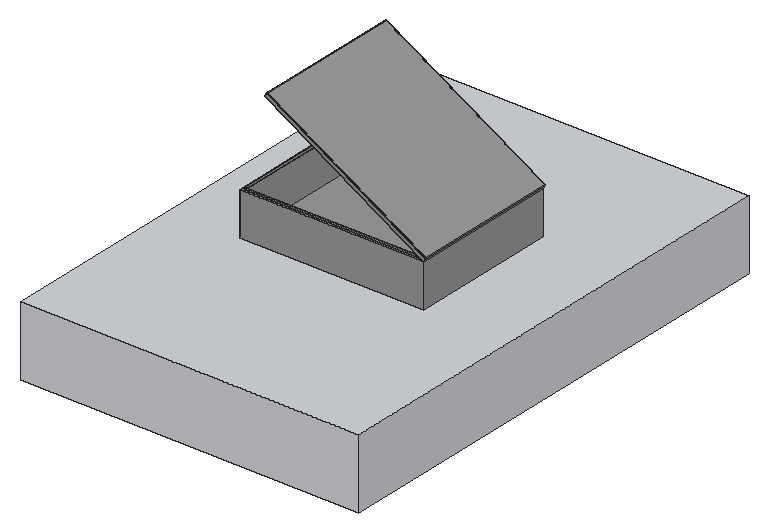
Revit family "Hager-Univers-IP44-D205-H650-Cl.II-Encl-CH-de", category Equipement électrique, Revit 2020
Family settings
  Hôte = Face
  Configuration du panneau = Deux colonnes, circuits au sein
  Cote de connecteur circulaire = Utiliser le diamètre
  Type d'élément = Tableau de raccordement
  Couper avec des vides une fois chargée = Non
  Partagée = Non
  Point de calcul de pièce = Non
Parameters (values of type "Aufputz IP44 B800 H650 T205  - FP43QS")
  Width Control [instance] = if([EF000008 - Breite] > Min Width, [EF000008 - Breite], Min Width)  # 800 mm
  Commentaires du type = [HG000003 - Bereich]  # "Univers"
  Thickness Door [instance] = if([EF009171 - Materialstärke Tür/Deckel] > 3 mm, 3 mm, [EF009171 - Materialstärke Tür/Deckel])  # 1 mm
  Seal Frame Offset [instance] = 17 mm  # constant formula
  Plinth Visibility [instance] = [HG000027 - Sockelhöhe] > 0 mm  # no
  Model = ""
  Min Width [instance] = 100 mm  # constant formula
  Min Height [instance] = 100 mm  # constant formula
  Min Depth [instance] = (2 * [EF009170 - Materialstärke Gehäuse]) + 1 mm  # 3 mm
  Internal Frame Depth [instance] = (Door System Depth * 0.5)  # 9 mm
  Height Control [instance] = if([EF000040 - Höhe] > Min Height, [EF000040 - Höhe], Min Height)  # 650 mm
  HG000027 - Sockelhöhe = 0 mm
  HG000026 - Stehend auf dem Boden = no
  HG000024 - Höhe des unteren Teils = 800 mm
  HG000023 - Gehäuse mit doppeltem Querschnitt = no
  HG000016 - 3D-Türsichtbarkeit [instance] = yes
  HG000015 - Sichtbarkeit der Türöffnung [instance] = no
  HG000014 - Tür rechts [instance] = yes
  HG000013 - Tür links [instance] = not([HG000014 - Tür rechts])  # no
  HG000012 - Türschwenkwinkel [instance] = 30.00°
  HG000010 - Asymmetrische Türen = no
  HG000009 - Doppelflügeligen Tür = no
  HG000006 - Unterputz = no
  HG000004 - Herstellerreferenz = "FP43QS"
  HG000003 - Bereich = "Univers"
  HG000002 - Mit tür = yes
  Frame Offset Bottom [instance] = 10 mm  # constant formula
  Frame Offset [instance] = 15 mm  # constant formula
  EF015940 - Deckel mit Überdruckentlastung = no
  EF011959 - Schutzart (NEMA) = ""
  EF009554 - Anzahl der Öffnungen für Flanschplatten = 6
  Fabricant = "Hager"  # constant formula
  EF009212 - Ausführung Deckel = "EV000116 - geschlossen"
  EF009171 - Materialstärke Tür/Deckel = 1 mm
  EF009170 - Materialstärke Gehäuse = 1 mm
  EF008873 - Nennstrom (In) = 250 A
  EF007800 - Geeignet für Blitzschutz = no
  EF006306 - Mit Schloss = no
  EF006244 - Transparenter Deckel/Tür = no
  EF005474 - Schutzart (IP) = "EV006418 - IP44"
  EF004464 - Art der Tür = "EV002646 - Einzel"
  EF004427 - Anzahl der Module = 144
  EF004293 - Schlagfestigkeit = "EV006815 - IK09"
  EF003532 - Geeignet für Außengebrauch = no
  EF002950 - Breite in Teilungseinheiten = 36
  EF001613 - Funktionserhalt = "EV000494 - ohne"
  EF001596 - Werkstoff des Gehäuses = "EV000179 - Stahl"
  EF001131 - Innentiefe = 143 mm
  EF001088 - Anbaumöglichkeit = yes
  EF000437 - Anzahl der Leitungseinführungen = 6
  EF000339 - Art der Abdeckung = "EV001012 - Deckel"
  EF000266 - Anzahl der Reihen = 4
  EF000218 - Einbautiefe = 0 mm
  EF000118 - Mit Montageplatte = no
  EF000116 - RAL-Nummer = "9010"
  EF000049 - Tiefe = 205 mm
  EF000040 - Höhe = 650 mm
  EF000008 - Breite = 800 mm
  EF000007 - Farbe = "EV000202 - weiß"
  EF000003 - Montageart = "EV000384 - Aufputz"
  Door System Leaf Tolerance [instance] = 1.5 mm  # constant formula
  Door System Depth [instance] = 18 mm  # constant formula
  Door Height [instance] = Height Control - [HG000027 - Sockelhöhe]  # 650 mm
  Depth Control [instance] = if([EF000049 - Tiefe] > Min Depth, [EF000049 - Tiefe], Min Depth)  # 205 mm
  Default Elevation = 0 mm
  Connector Offset [instance] = Height Control / 2  # 325 mm
  Bottom Top Plate Trim [instance] = 1.5 mm  # constant formula
  Plinth height Ctrl [instance] = if([HG000027 - Sockelhöhe] > 0 mm, [HG000027 - Sockelhöhe], 12 mm)  # 12 mm
Types (5, lengths in mm): name | Width Control | HG000009 - Doppelflügeligen Tür | HG000004 - Herstellerreferenz | EF009554 - Anzahl der Öffnungen für Flanschplatten | EF004464 - Art der Tür | EF004427 - Anzahl der Module | EF002950 - Breite in Teilungseinheiten | EF000437 - Anzahl der Leitungseinführungen | EF000008 - Breite
  Aufputz IP44 B1050 H650 T205  - FP44QS | 1050 | yes | "FP44QS" | 8 | "EV003602 - Doppel" | 192 | 48 | 8 | 1050
  Aufputz IP44 B1300 H650 T205  - FP45QS | 1300 | yes | "FP45QS" | 10 | "EV003602 - Doppel" | 240 | 60 | 10 | 1300
  Aufputz IP44 B300 H650 T205  - FP41QS | 300 | no | "FP41QS" | 2 | "EV002646 - Einzel" | 48 | 12 | 2 | 300
  Aufputz IP44 B550 H650 T205  - FP42QS | 550 | no | "FP42QS" | 4 | "EV002646 - Einzel" | 96 | 24 | 4 | 550
  Aufputz IP44 B800 H650 T205  - FP43QS | 800 | no | "FP43QS" | 6 | "EV002646 - Einzel" | 144 | 36 | 6 | 800
Reference planes
  plane 1 "Center (Front/Back)": y = 0
  plane 2: z = 0
  plane 3 "Center (Left/Right)": x = 0
  plane 4: z = 205
  plane 5: y = 1
  plane 6: y = 325
  plane 7: y = 0
  plane 8: y = 650
  plane 9: z = 0
  plane 10: x = -385
  plane 11: x = 385
  plane 12: x = 384
  plane 13: x = -384
  plane 14: y = 649
  plane 15: x = -383
  plane 16: x = -400
  plane 17: x = 383
  plane 18: x = 400
  plane 19: x = 399
  plane 20: x = -399
  plane 21: y = 11
  plane 22: y = 650
  plane 23: y = 634
  plane 24: z = 187
  plane 25: z = 1
  plane 26: z = 186
  plane 27: z = 204
Forms (mm)
  Extrusion 1, solid
    sketch origin (0, 0, 0) x (1, 0, 0) y (0, 1, 0)
      loop
        line (-702.964, 1305) -> (-702.964, -811.445) -> (766.763, -811.445) -> (766.763, 1305) -> (-702.964, 1305)
    from 0 to -304.8
  Extrusion 2, solid, material "Hager_Steel_RAL7035_Light_Grey", visible <- "Plinth Visibility", detail levels medium+fine
    sketch origin (0, 0, 0) x (1, 0, 0) y (0, 1, 0)
      loop
        line (-400, 0) -> (400, 0) -> (400, 12) -> (-400, 12) -> (-400, 0)
    from 0 to 187
  Extrusion 3, solid, material "Hager_Steel_RAL7035_Light_Grey", detail levels medium+fine
    sketch origin (0, 0, 0) x (1, 0, 0) y (0, 1, 0)
      loop
        line (-400, 0) -> (400, 0) -> (400, 650) -> (-400, 650) -> (-400, 0)
    from 0 to 187
  Extrusion 4, void
    sketch origin (0, 0, 0) x (1, 0, 0) y (0, 1, 0)
      loop
        line (-399, 1) -> (399, 1) -> (399, 649) -> (-399, 649) -> (-399, 1)
    from 1 to 186
  Extrusion 5, void
    sketch origin (-381.607, -4572, 187) x (0, -1, 0) y (-1, 0, 0)
      loop
        line (-4583, 2.393) -> (-5206, 2.393) -> (-5206, -765.607) -> (-4583, -765.607) -> (-4583, 2.393)
    from 0 to 1 <- "EF009170 - Materialstärke Gehäuse"
  Extrusion 6, solid, material "Hager_Steel_RAL7035_Light_Grey", detail levels fine
    sketch origin (0, 0, 187) x (1, 0, 0) y (0, 1, 0)
      loop
        line (-384, 634) -> (-384, 11) -> (384, 11) -> (384, 634) -> (-384, 634)
      loop
        line (-385, 10) -> (385, 10) -> (385, 635) -> (-385, 635) -> (-385, 10)
    from 0 to 9 <- "Internal Frame Depth"
  Extrusion 7, solid, material "Hager_Steel_RAL7035_Light_Grey", detail levels coarse
    sketch origin (0, 0, 0) x (1, 0, 0) y (0, 1, 0)
      loop
        line (-400, 0) -> (400, 0) -> (400, 650) -> (-400, 650) -> (-400, 0)
    from 0 to 205
  Sweep 8, void
    path in 3D
      loop
        line (-400, 12, 0) -> (400, 12, 0) -> (400, 12, 187) -> (-400, 12, 187) -> (-400, 12, 0)
    profile origin (-400, 12, 93.5) x (-1, 0, 0) y (0, -1, 0)
      loop
        line (0, 0) -> (0, 1.5) -> (-1.5, 1.5)
        arc (-1.5, 1.5) -> (-1.061, 0.439) -> (0, 0) r 1.5
Cuts and joins
  Extrusion 4, Extrusion 5 cuts Extrusion 3
  Sweep 8 cuts Extrusion 2
Lines and regions (mm)
  Masking region 1
    outline origin (0, 0, 0) x (1, 0, 0) y (0, 0, 1)
      loop
        line (-400, 205) -> (-400, 0) -> (400, 0) -> (400, 205) -> (-400, 205)
  Masking region 2, detail levels medium+fine
    outline origin (0, 140, 0) x (0, 1, 0) y (0, 0, 1)
      loop
        line (-140, 0) -> (510, 0) -> (510, 187) -> (-140, 187) -> (-140, 0)
  Masking region 3, not visible, detail levels medium+fine
    outline origin (0, 297.922, 0) x (0, 1, 0) y (0, 0, 1)
      loop
        line (38.578, 0) -> (78.578, 0) -> (78.578, 194)
        arc (78.578, 194) -> (75.649, 201.071) -> (68.578, 204) r 10
        line (68.578, 204) -> (38.578, 204) -> (38.578, 0)
  Masking region 4, detail levels coarse
    outline origin (0, 0, 180) x (0, 1, 0) y (0, 0, 1)
      loop
        line (0, -180) -> (650, -180) -> (650, 25) -> (0, 25) -> (0, -180)
  Masking region 5, visible <- "Plinth Visibility", detail levels medium+fine
    outline origin (0, 52.24, 12.345) x (0, 0, -1) y (0, 1, 0)
      loop
        line (10.845, -40.24) -> (-173.155, -40.24)
        arc (-173.155, -40.24) -> (-173.594, -41.301) -> (-174.655, -41.74) r 1.5
        line (-174.655, -41.74) -> (-174.655, -52.24) -> (12.345, -52.24) -> (12.345, -41.74)
        arc (12.345, -41.74) -> (11.285, -41.301) -> (10.845, -40.24) r 1.5
  Masking region 6, detail levels medium+fine
    outline origin (-381.607, -4572, 187) x (-1, 0, 0) y (0, -1, 0)
      loop
        line (18.393, -5222) -> (18.393, -4572) -> (-781.607, -4572) -> (-781.607, -5222) -> (18.393, -5222)
  Masking region 7, visible <- "Plinth Visibility", detail levels medium+fine
    outline origin (-381.607, -4727, 187) x (-1, 0, 0) y (0, -1, 0)
      loop
        arc (16.893, -4739) -> (17.332, -4737.939) -> (18.393, -4737.5) r 1.5
        line (18.393, -4737.5) -> (18.393, -4727) -> (-781.607, -4727) -> (-781.607, -4737.5)
        arc (-781.607, -4737.5) -> (-780.546, -4737.939) -> (-780.107, -4739) r 1.5
        line (-780.107, -4739) -> (16.893, -4739)
  Masking region 8, detail levels coarse
    outline origin (-442.548, -4669.526, 187) x (-1, 0, 0) y (0, -1, 0)
      loop
        line (-42.548, -5319.526) -> (-42.548, -4669.526) -> (-842.548, -4669.526) -> (-842.548, -5319.526) -> (-42.548, -5319.526)
  sketch lines
    curve 1: line (-400, 12, 187) -> (-400, 12, 0)
    curve 2: line (400, 12, 187) -> (-400, 12, 187)
    curve 3: line (400, 12, 187) -> (400, 12, 0)
    curve 4: line (-400, 12, 0) -> (400, 12, 0)
Dimensions and locks
  "Depth Control": plane 4 to Extrusion 1
  "HG000027 - Sockelhöhe": plane 1 "Center (Front/Back)" to plane 7
  "EF009170 - Materialstärke Gehäuse": plane 5 to plane 7
  locked: connector elem to plane 3 "Center (Left/Right)"
  equal spacing: plane 8, plane 6, plane 7
  locked: connector elem to plane 6
  "EF009170 - Materialstärke Gehäuse": plane 8 to plane 14
  "EF009170 - Materialstärke Gehäuse": plane 10 to plane 13
  "EF009170 - Materialstärke Gehäuse": plane 12 to plane 11
  "Frame Offset": plane 20 to plane 13
  "Frame Offset": plane 12 to plane 19
  "EF009170 - Materialstärke Gehäuse": plane 16 to plane 20
  "EF009170 - Materialstärke Gehäuse": plane 19 to plane 18
  "Seal Frame Offset": plane 16 to plane 15
  "Seal Frame Offset": plane 17 to plane 18
  "Frame Offset Bottom": plane 21 to plane 5
  "Frame Offset": plane 14 to plane 23
  equal spacing: plane 16, plane 3 "Center (Left/Right)", plane 18
  "Width Control": plane 16 to plane 18
  "EF009170 - Materialstärke Gehäuse": plane 4 to plane 27
  "EF009170 - Materialstärke Gehäuse": plane 24 to plane 26
  "EF009170 - Materialstärke Gehäuse": plane 25 to level
  "Door System Depth": plane 4 to plane 24
  "Height Control": plane 1 "Center (Front/Back)" to Extrusion 7 sketch curve
  "Height Control": Masking region 4 sketch curve to plane 1 "Center (Front/Back)"
  "Height Control": plane 1 "Center (Front/Back)" to plane 22
  "Bottom Top Plate Trim": profile plane to Sweep 8 sketch curve
  "Bottom Top Plate Trim": Sweep 8 sketch curve to profile plane
  "Plinth height Ctrl": plane 1 "Center (Front/Back)" to Extrusion 2 sketch curve
  "Plinth height Ctrl": Masking region 5 sketch curve to plane 1 "Center (Front/Back)"
  "Plinth height Ctrl": plane 1 "Center (Front/Back)" to Masking region 7 sketch curve
  "Thickness Door": Extrusion 6 sketch curve to Extrusion 6 sketch curve  (x3)
  "Thickness Door": cut or joined group of Extrusion 3, Extrusion 4, Extrusion 5 to Extrusion 6 sketch curve
  radius of Masking region 3 sketch curve = 10 mm
  "Bottom Top Plate Trim": radius of Masking region 5 sketch curve  (x2)
  "Bottom Top Plate Trim": radius of Sweep 8 sketch curve
  "Bottom Top Plate Trim": radius of Masking region 7 sketch curve  (x2)
  aligned and locked: plane 2 to Extrusion 1
  aligned and locked: level to Extrusion 1
  aligned and locked: level to Masking region 1 sketch curve
  aligned and locked: Masking region 1 sketch curve to plane 18
  aligned and locked: Masking region 1 sketch curve to plane 16
  aligned and locked: plane 7 to Masking region 2 sketch curve
  aligned and locked: level to Masking region 3 sketch curve
  aligned and locked: Masking region 3 sketch curve to plane 27
  aligned and locked: level to Masking region 2 sketch curve
  aligned and locked: plane 1 "Center (Front/Back)" to Extrusion 2 sketch curve
  aligned and locked: Extrusion 3 sketch curve to plane 7
  aligned and locked: plane 16 to Extrusion 3 sketch curve
  aligned and locked: plane 18 to Extrusion 3 sketch curve
  aligned and locked: plane 20 to Extrusion 4 sketch curve
  aligned and locked: plane 19 to Extrusion 4 sketch curve
  aligned and locked: Extrusion 4 sketch curve to plane 5
  aligned and locked: Extrusion 4 to plane 25
  aligned and locked: plane 26 to Extrusion 4
  aligned and locked: plane 24 to Extrusion 3
  aligned and locked: Extrusion 5 sketch curve to plane 21
  aligned and locked: Extrusion 5 sketch curve to plane 13
  aligned and locked: Extrusion 5 sketch curve to plane 12
  aligned and locked: plane 18 to Extrusion 7 sketch curve
  aligned and locked: plane 1 "Center (Front/Back)" to Extrusion 7 sketch curve
  aligned and locked: plane 16 to Extrusion 7 sketch curve
  aligned and locked: plane 4 to Extrusion 7
  aligned and locked: Extrusion 7 to level
  aligned and locked: level to Masking region 4 sketch curve
  aligned and locked: Masking region 4 sketch curve to plane 1 "Center (Front/Back)"
  aligned and locked: Masking region 4 sketch curve to plane 4
  aligned and locked: nested 1 to level
  aligned and locked: nested 1 to plane 16
  aligned and locked: plane 8 to Extrusion 3 sketch curve
  aligned and locked: plane 23 to Extrusion 5 sketch curve
  aligned and locked: plane 14 to Extrusion 4 sketch curve
  aligned and locked: Masking region 2 sketch curve to plane 8
  aligned and locked: level to Masking region 5 sketch curve
  aligned and locked: plane 16 to Extrusion 2 sketch curve
  aligned and locked: plane 18 to Extrusion 2 sketch curve
  aligned and locked: Masking region 5 sketch curve to plane 24
  aligned and locked: Masking region 2 sketch curve to plane 24
  aligned and locked: plane 24 to Extrusion 2
  aligned and locked: profile plane to Sweep 8 sketch curve  (x2)
  aligned and locked: Masking region 6 sketch curve to plane 18
  aligned and locked: Masking region 6 sketch curve to plane 22
  aligned and locked: Masking region 6 sketch curve to plane 16
  aligned and locked: plane 8 to plane 22
  aligned and locked: Masking region 6 sketch curve to plane 7
  aligned and locked: Masking region 7 sketch curve to plane 16
  aligned and locked: Masking region 7 sketch curve to plane 1 "Center (Front/Back)"
  aligned and locked: Masking region 7 sketch curve to plane 18
  aligned and locked: Masking region 8 sketch curve to plane 1 "Center (Front/Back)"
  aligned and locked: Masking region 8 sketch curve to plane 18
  aligned and locked: Masking region 8 sketch curve to plane 22
  aligned and locked: Masking region 8 sketch curve to plane 16
  aligned and locked: nested 2 to plane 7
  aligned and locked: plane 3 "Center (Left/Right)" to nested 2
  aligned and locked: nested 2 to plane 24
  aligned and locked: Extrusion 6 sketch curve to cut or joined group of Extrusion 3, Extrusion 4, Extrusion 5  (x4)
Automatic sketch dimensions
  Extrusion 1 sketch curve to Extrusion 1 sketch curve = 1469.727 mm
  Extrusion 1 sketch curve to Extrusion 1 sketch curve = 2116.445 mm
  Masking region 1 sketch curve to plane 4 = 0 mm
  plane 6 to Masking region 3 sketch curve = 11.5 mm
  Masking region 3 sketch curve to Masking region 3 sketch curve = 30 mm
  Masking region 5 sketch curve to plane 1 "Center (Front/Back)" = 0 mm
Nested families
  nested 1: "Hager_Enclosure_Symbol" at (-400, 0, 0) x (1, 0, 0) z (0, -1, 0), Height <- "Depth Control", Width <- "Width Control", type "Hager_Enclosure_Symbol"
    with Width_Ctrl 800 mm, Width 800 mm, Height_Ctrl 205 mm, Height 205 mm, A_Width_Int 13.453 mm, A_Width 161.438 mm, A_Height_Ctrl 179.375 mm, A_Height 179.375 mm
  nested 2: "EC000058_Univers_Door" at (0, 0, 187) x (1, 0, 0) z (0, 1, 0), Leaf_Tolerance <- "Door System Leaf Tolerance", Angle <- "HG000012 - Türschwenkwinkel", Door_Depth <- "Door System Depth", Door_Left <- "HG000013 - Tür links", Transparent <- "EF006244 - Transparenter Deckel/Tür", Assymetrical <- "HG000010 - Asymmetrische Türen", Width <- "Width Control", Clearance <- "HG000015 - Sichtbarkeit der Türöffnung", Double <- "HG000009 - Doppelflügeligen Tür", 3d_Door <- "HG000016 - 3D-Türsichtbarkeit", Lock_Visibility <- "EF006306 - Mit Schloss", Width_Ctrl <- "Width Control", Door_Right <- "HG000014 - Tür rechts", Door <- "HG000002 - Mit tür", Height <- "Door Height", Thickness <- "Thickness Door", type "EC000058_Univers_Door", detail levels medium+fine
    with min_wh 3 mm, Width_Ctrl 800 mm, Width 800 mm, Transparent no, Thickness 1 mm, Seal_Material Hager_Rubber, Lock_Visibility no, Lock_Material Hager_Plastic_RAL9005_Jet_Black, Leaf_Width 800 mm, Leaf_Tolerance_External_Sides 0 mm, Leaf_Tolerance 1.5 mm, Leaf_Offset 0 mm, Leaf_Height 647 mm, Leaf_2_Width 800 mm, Leaf_2_Offset 400 mm, Leaf_1_Width 800 mm, Leaf_1_Offset 400 mm, Height_Ctrl 650 mm, Height 650 mm, Glass_Material Hager_Glass, Double_Clearance_Ctrl no, Double no, Door_Right_Ctrl yes, Door_Right yes, Door_Material Hager_Steel_RAL7035_Light_Grey, Door_Left_Ctrl no, Door_Left no, Door_Depth 18 mm, Door yes, Clearance_Material Hager_Clearance, Clearance_Depth 800 mm, Clearance_Ctrl no, Clearance no, Assymetrical no, Angle 30.00°, 3d_Door yes
Connectors
  electrical at (0, 325, 0)
    settings: on plane 9, index 1, voltage 0 V, apparent load 0 VA, apparent load phase1 0 VA, apparent load phase2 0 VA, apparent load phase3 0 VA, power factor 1, load classification "Other", number of poles 1, system type 30, power factor state 1, is connector primary yes, connector utility no, sub classification motor no, connector description ""
Definition of nested family "EC000058_Univers_Door"
  Parameters (values of type "EC000058_Univers_Door")
    min_wh [instance] = (2 * Thickness) + 1 mm  # 11 mm
    Width_Ctrl [instance] = 400 mm
    Width [instance] = 500 mm
    Transparent [instance] = yes
    Thickness [instance] = 5 mm
    Seal_Material [instance] = none
    Lock_Visibility [instance] = yes
    Lock_Material [instance] = none
    Leaf_Width [instance] = if((Width_Ctrl - 2 * Leaf_Tolerance_External_Sides) > 0 mm, (Width_Ctrl - 2 * Leaf_Tolerance_External_Sides), min_wh)  # 400 mm
    Leaf_Tolerance_External_Sides [instance] = 0 mm  # constant formula
    Leaf_Tolerance [instance] = 1.5 mm
    Leaf_Offset [instance] = 0 mm  # constant formula
    Leaf_Height [instance] = if((Height_Ctrl - 2 * Leaf_Tolerance) > 0 mm, (Height_Ctrl - 2 * Leaf_Tolerance), min_wh)  # 497 mm
    Leaf_2_Width [instance] = if(and(and(Double, Assymetrical), Door_Left), (Leaf_Width / 3) - (Leaf_Tolerance / 2), if(and(and(Double, Assymetrical), Door_Right), (Leaf_Width / 3) * 2 - (Leaf_Tolerance / 2), if(and(Double, not(Assymetrical)), (Leaf_Width / 2) - Leaf_Tolerance, Leaf_Width)))  # 400 mm
    Leaf_2_Offset [instance] = if(and(Double, Assymetrical), Leaf_2_Width / 2, if(and(Double, not(Assymetrical)), Leaf_Width / 4, Leaf_Width / 2))  # 200 mm
    Leaf_1_Width [instance] = if(and(and(Double, Assymetrical), Door_Right), (Leaf_Width / 3) - (Leaf_Tolerance / 2), if(and(and(Double, Assymetrical), Door_Left), (Width / 3) * 2 - (Leaf_Tolerance / 2), if(and(Double, not(Assymetrical)), (Leaf_Width / 2) - Leaf_Tolerance, Leaf_Width)))  # 400 mm
    Leaf_1_Offset [instance] = if(and(Double, Assymetrical), Leaf_1_Width / 2, if(and(Double, not(Assymetrical)), Leaf_Width / 4, Leaf_Width / 2))  # 200 mm
    Height_Ctrl [instance] = if(Height > min_wh, Height, min_wh)  # 500 mm
    Height [instance] = 500 mm
    Glass_Material [instance] = none
    Double_Clearance_Ctrl [instance] = and(Double, Clearance)  # no
    Double [instance] = no
    Door_Right_Ctrl [instance] = and(or(Door_Right, Double), Door)  # yes
    Door_Right [instance] = yes
    Door_Material [instance] = none
    Door_Left_Ctrl [instance] = and(or(Door_Left, Double), Door)  # no
    Door_Left [instance] = no
    Door_Depth [instance] = 30 mm
    Door [instance] = yes
    Default Elevation = 1219.2 mm
    Clearance_Material [instance] = none
    Clearance_Depth [instance] = if(Leaf_1_Width > Leaf_2_Width, Leaf_1_Width, Leaf_2_Width)  # 400 mm
    Clearance_Ctrl [instance] = and(not(Double), Clearance)  # yes
    Clearance [instance] = yes
    Assymetrical [instance] = yes
    Angle [instance] = 30.00°
    3d_Door [instance] = yes
  Reference planes
    plane 1 "Center (Front/Back)": y = 0
    plane 2 "Bottom": z = 0
    plane 3 "Center (Left/Right)": x = 0
    plane 4: z = 500
    plane 5: x = -200
    plane 6: x = 200
    plane 7: z = 500
    plane 8: x = -200
    plane 9: z = 0
    plane 10: x = 200
    plane 11: y = 0
    plane 12: z = 1.5
    plane 13: x = -600
    plane 14: y = -400
    plane 15: x = 600
    plane 16: x = 0
    plane 17: x = 0
    plane 18: x = -200
    plane 19: x = 200
    plane 20: z = 498.5
  Forms (mm)
    Extrusion 1, solid, material <- "Clearance_Material", visible <- "Double_Clearance_Ctrl"
      sketch origin (1200, 0, 0) x (1, 0, 0) y (0, 0, -1)
        loop
          line (-1800, -498.5) -> (-600, -498.5) -> (-600, 0) -> (-1800, 0) -> (-1800, -498.5)
      from 0 to -400
  Dimensions and locks
    equal spacing: plane 5, plane 3 "Center (Left/Right)", plane 6
    "Width_Ctrl": plane 5 to plane 6
    "Leaf_Offset": plane 5 to plane 8
    "Leaf_Offset": plane 6 to plane 10
    "Leaf_Offset": plane 9 to level
    "Leaf_Offset": plane 4 to plane 7
    "Height_Ctrl": plane 4 to level
    "Leaf_Tolerance": plane 12 to plane 9
    locked: plane 11 to plane 1 "Center (Front/Back)"
    "Leaf_1_Offset": plane 18 to plane 16
    "Leaf_2_Offset": plane 17 to plane 19
    "Leaf_1_Width": plane 13 to plane 8
    "Leaf_2_Width": plane 10 to plane 15
    "Clearance_Depth": plane 14 to plane 1 "Center (Front/Back)"
    "Leaf_Tolerance_External_Sides": plane 8 to plane 18
    "Leaf_Tolerance_External_Sides": plane 19 to plane 10
    "Leaf_Tolerance": plane 7 to plane 20
    aligned and locked: level to plane 2 "Bottom"
    aligned and locked: nested 1 to plane 16
    aligned and locked: nested 2 to plane 17
    aligned and locked: Extrusion 1 to plane 13
    aligned and locked: plane 15 to Extrusion 1
    aligned and locked: Extrusion 1 to plane 14
    aligned and locked: plane 12 to nested 1
    aligned and locked: nested 2 to plane 12
    aligned and locked: Extrusion 1 to plane 11
    aligned and locked: plane 20 to Extrusion 1
    aligned and locked: nested 2 to plane 11
    aligned and locked: nested 1 to plane 11
  Automatic sketch dimensions
    Extrusion 1 sketch curve to level = 0 mm
    plane 5 to Extrusion 1 sketch curve = 400 mm
    plane 6 to Extrusion 1 sketch curve = 400 mm
    Extrusion 1 sketch curve to plane 4 = 1.5 mm
  Nested families
    nested 1: "EC000058_Univers_Door_Leaf" at (0, 0, 1.5), Width <- "Leaf_1_Width", visible <- "Door_Left_Ctrl", Leaf_Height <- "Leaf_Height", Angle <- "Angle", 3d_Door <- "3d_Door", Transparent <- "Transparent", Clearance Material <- "Clearance_Material", Clearance <- "Clearance_Ctrl", Door_Material <- "Door_Material", Glass_Material <- "Glass_Material", Door_Depth <- "Door_Depth", Lock_Material <- "Lock_Material", Seal_Material <- "Seal_Material", Lock_Visibility <- "Lock_Visibility", Thickness <- "Thickness", type "EC000058_Univers_Door_Leaf"
      with Width 400 mm, Transparent_Glass_Offset 30 mm, Transparent_Ctrl yes, Transparent yes, Thickness 5 mm, Standard no, Seal_Material none, Seal_D2 8 mm, Seal_D1 1 mm, Offset_Internal_Frame 10 mm, Lock_Width 20 mm, Lock_Visibility_3d yes, Lock_Visibility yes, Lock_Thickness_3 3 mm, Lock_Thickness_2 1 mm, Lock_Thickness_1 3 mm, Lock_Radius_Offset_2 16 mm, Lock_Radius_Offset_1 15 mm, Lock_Radius_2 5 mm, Lock_Radius 6 mm, Lock_Offset 5 mm, Lock_Material none, Lock_Height 80 mm, Lock_Cover_Top_Offset_2d 17 mm, Lock_Cover_Height -65 mm, Leaf_Height 497 mm, Internal_Seal_Thickness 8 mm, Internal_Seal_Depth_2 4.5 mm, Internal_Frame_Depth 25 mm, Glass_Thickness -1 mm, Glass_Offset -2 mm, Glass_Material none, Door_Material none, Door_Depth 30 mm, Clearance Material none, Clearance yes, Angle_Ctrl 30.00°, Angle 30.00°, 3d_Door yes
    nested 2: "EC000058_Univers_Door_Leaf" at (0, 0, 1.5) x (-1, 0, 0) z (0, 0, 1), Width <- "Leaf_2_Width", visible <- "Door_Right_Ctrl", Leaf_Height <- "Leaf_Height", Angle <- "Angle", 3d_Door <- "3d_Door", Transparent <- "Transparent", Clearance Material <- "Clearance_Material", Clearance <- "Clearance_Ctrl", Door_Material <- "Door_Material", Glass_Material <- "Glass_Material", Door_Depth <- "Door_Depth", Lock_Material <- "Lock_Material", Seal_Material <- "Seal_Material", Lock_Visibility <- "Lock_Visibility", Thickness <- "Thickness", type "EC000058_Univers_Door_Leaf"
      with Width 400 mm, Transparent_Glass_Offset 30 mm, Transparent_Ctrl yes, Transparent yes, Thickness 5 mm, Standard no, Seal_Material none, Seal_D2 8 mm, Seal_D1 1 mm, Offset_Internal_Frame 10 mm, Lock_Width 20 mm, Lock_Visibility_3d yes, Lock_Visibility yes, Lock_Thickness_3 3 mm, Lock_Thickness_2 1 mm, Lock_Thickness_1 3 mm, Lock_Radius_Offset_2 16 mm, Lock_Radius_Offset_1 15 mm, Lock_Radius_2 5 mm, Lock_Radius 6 mm, Lock_Offset 5 mm, Lock_Material none, Lock_Height 80 mm, Lock_Cover_Top_Offset_2d 17 mm, Lock_Cover_Height -65 mm, Leaf_Height 497 mm, Internal_Seal_Thickness 8 mm, Internal_Seal_Depth_2 4.5 mm, Internal_Frame_Depth 25 mm, Glass_Thickness -1 mm, Glass_Offset -2 mm, Glass_Material none, Door_Material none, Door_Depth 30 mm, Clearance Material none, Clearance yes, Angle_Ctrl 30.00°, Angle 30.00°, 3d_Door yes
  Definition of nested family "EC000058_Univers_Door_Leaf"
    Parameters (values of type "EC000058_Univers_Door_Leaf")
      Width [instance] = 2000 mm
      Transparent_Glass_Offset [instance] = 30 mm
      Transparent_Ctrl [instance] = and(Transparent, [3d_Door])  # yes
      Transparent [instance] = yes
      Thickness [instance] = 5 mm
      Standard [instance] = and(not(Transparent), [3d_Door])  # no
      Seal_Material [instance] = none
      Seal_D2 [instance] = 8 mm  # constant formula
      Seal_D1 [instance] = 1 mm  # constant formula
      Offset_Internal_Frame [instance] = 10 mm  # constant formula
      Lock_Width [instance] = 20 mm  # constant formula
      Lock_Visibility_3d [instance] = and(Lock_Visibility, [3d_Door])  # yes
      Lock_Visibility [instance] = yes
      Lock_Thickness_3 [instance] = 3 mm  # constant formula
      Lock_Thickness_2 [instance] = 1 mm  # constant formula
      Lock_Thickness_1 [instance] = 3 mm  # constant formula
      Lock_Radius_Offset_2 [instance] = Lock_Radius_Offset_1 + 1 mm  # 16 mm
      Lock_Radius_Offset_1 [instance] = 15 mm  # constant formula
      Lock_Radius_2 [instance] = Lock_Radius - 1 mm  # 5 mm
      Lock_Radius [instance] = 6 mm  # constant formula
      Lock_Offset [instance] = 5 mm  # constant formula
      Lock_Material [instance] = none
      Lock_Height [instance] = 80 mm  # constant formula
      Lock_Cover_Top_Offset_2d [instance] = Lock_Radius_Offset_2 + 1 mm  # 17 mm
      Lock_Cover_Height [instance] = -(Lock_Height - Lock_Radius_Offset_1)  # -65 mm
      Leaf_Height [instance] = 2720.336 mm
      Internal_Seal_Thickness [instance] = 8 mm  # constant formula
      Internal_Seal_Depth_2 [instance] = 4.5 mm  # constant formula
      Internal_Frame_Depth [instance] = if(Door_Depth - Thickness > 5 mm, Door_Depth - Thickness, 5 mm)  # 25 mm
      Glass_Thickness [instance] = if(Thickness > 15 mm, Glass_Offset + 10 mm, -1 mm)  # -1 mm
      Glass_Offset [instance] = if(Thickness > 15 mm, -(Thickness + 10 mm) / 2, -2 mm)  # -2 mm
      Glass_Material [instance] = none
      Door_Material [instance] = none
      Door_Depth [instance] = 30 mm
      Default Elevation = 0 mm
      Clearance Material [instance] = none
      Clearance [instance] = yes
      Angle_Ctrl [instance] = if(Angle > 180.00°, 180.00°, Angle)  # 90.00°
      Angle [instance] = 90.00°
      3d_Door [instance] = yes
    Reference planes
      plane 1 "Center (Front/Back)": y = 0
      plane 2: z = 0
      plane 3 "Center (Left/Right)": x = 0
      plane 4: y = 2000
      plane 5: x = -1000
      plane 6: x = 1000
      plane 7: x = -3000
      plane 8: z = 2720.336
      plane 9: z = 30
      plane 10: z = 2690.336
      plane 11: x = 970
      plane 12: x = -970
      plane 13: y = -3
      plane 14: z = 107.833
      plane 15: y = -5
      plane 16: y = -223.314
      plane 17: x = -1000
      plane 18: z = 1360.168
      plane 19: y = 30
    Forms (mm)
      Extrusion 1, solid, material <- "Clearance Material", visible <- "Clearance"
        sketch origin (0, 0, 0) x (1, 0, 0) y (0, 0, 1)
          loop
            line (-3000, 2720.336) -> (-3000, 0) -> (1000, 0) -> (1000, 2720.336) -> (-3000, 2720.336)
        from 0 to -2000
      Extrusion 2, solid, material <- "Door_Material", visible <- "Standard", detail levels medium+fine
        sketch origin (-1000, 0, 0) x (0, 1, 0) y (-1, 0, 0)
          loop
            line (0, 30) -> (0, 25) -> (2000, 25) -> (2000, 30) -> (0, 30)
        from 0 to 2720.336 <- "Leaf_Height"
      Extrusion 3, solid, material <- "Door_Material", visible <- "Transparent_Ctrl", detail levels medium+fine
        sketch origin (-1000, 0, 0) x (0, 1, 0) y (-1, 0, 0)
          loop
            line (0, 25) -> (2000, 25) -> (2000, 30) -> (0, 30) -> (0, 25)
        from 0 to 2720.336 <- "Leaf_Height"
      Extrusion 4, void
        sketch origin (-1025, 2000, 0) x (0, 1, 0) y (0, 0, -1)
          loop
            line (-30, -2690.336) -> (-30, -30) -> (-1970, -30) -> (-1970, -2690.336) -> (-30, -2690.336)
        from 0 to 5 <- "Thickness"
      Sweep 5, solid, material <- "Seal_Material", visible <- "Transparent_Ctrl", detail levels fine
        path in 3D
          loop
            line (-1025, 30, 30) -> (-1025, 30, 2690.336) -> (-1025, 1970, 2690.336) -> (-1025, 1970, 30) -> (-1025, 30, 30)
        profile origin (-1025, 1000, 30) x (1, 0, 0) y (0, 0, 1)
          loop
            line (0, 0) -> (0, -8) -> (1, -8) -> (1, 0) -> (0, 0)
      Extrusion 6, solid, material <- "Glass_Material", visible <- "Transparent_Ctrl", detail levels medium+fine
        sketch origin (-1030, 0, 0) x (0, 1, 0) y (0, 0, -1)
          loop
            line (1970, -2690.336) -> (1970, -30) -> (30, -30) -> (30, -2690.336) -> (1970, -2690.336)
        from -2 <- "Glass_Offset" to -1 <- "Glass_Thickness"
      Extrusion 7, solid, material <- "Door_Material", visible <- "3d_Door", detail levels medium+fine
        sketch origin (-1025, 2000, 0) x (0, -1, 0) y (0, 0, -1)
          loop
            line (0, -2720.336) -> (2000, -2720.336) -> (2000, 0) -> (0, 0) -> (0, -2720.336)
          loop
            line (1995, -5) -> (5, -5) -> (5, -2715.336) -> (1995, -2715.336) -> (1995, -5)
        from 0 to 25 <- "Internal_Frame_Depth"
      Sweep 8, solid, material <- "Seal_Material", visible <- "Transparent_Ctrl", detail levels fine
        path in 3D
          loop
            line (-1025, 0, 0) -> (-1025, 2000, 0) -> (-1025, 2000, 2720.336) -> (-1025, 0, 2720.336) -> (-1025, 0, 0)
        profile origin (-1025, 0, 1360.168) x (1, 0, 0) y (0, 1, 0)
          loop
            line (0, 10) -> (2.975, 10)
            arc (2.975, 10) -> (4.053, 10.447) -> (4.5, 11.525) r 1.525
            line (4.5, 11.525) -> (4.5, 16.527)
            arc (4.5, 16.527) -> (4.069, 17.569) -> (3.027, 18) r 1.473
            line (3.027, 18) -> (0, 18) -> (0, 10)
      Extrusion 9, solid, material <- "Lock_Material", visible <- "Lock_Visibility_3d", detail levels fine
        sketch origin (-1030, 0, 0) x (0, 1, 0) y (0, 0, -1)
          loop
            arc (1993.5, -1400.168) -> (1994.561, -1399.729) -> (1995, -1398.668) r 1.5
            line (1995, -1398.668) -> (1995, -1320.168) -> (1975, -1320.168) -> (1975, -1398.668)
            arc (1975, -1398.668) -> (1975.439, -1399.729) -> (1976.5, -1400.168) r 1.5
            line (1976.5, -1400.168) -> (1993.5, -1400.168)
        from 3 <- "Lock_Thickness_1" to 0
      Blend 10, solid, material <- "Lock_Material", visible <- "Lock_Visibility_3d", detail levels fine
        base sketch origin (-1033, 0, 0) x (0, 1, 0) y (0, 0, -1)
          loop
            line (1975, -1320.168) -> (1975, -1398.668)
            arc (1975, -1398.668) -> (1975.439, -1399.729) -> (1976.5, -1400.168) r 1.5
            line (1976.5, -1400.168) -> (1993.5, -1400.168)
            arc (1993.5, -1400.168) -> (1994.561, -1399.729) -> (1995, -1398.668) r 1.5
            line (1995, -1398.668) -> (1995, -1320.168) -> (1975, -1320.168)
        top sketch origin (-1033, 0, 0) x (0, 1, 0) y (0, 0, -1)
          loop
            line (1976, -1320.168) -> (1976, -1398.668)
            arc (1976, -1398.668) -> (1976.146, -1399.022) -> (1976.5, -1399.168) r 0.5
            line (1976.5, -1399.168) -> (1993.5, -1399.168)
            arc (1993.5, -1399.168) -> (1993.854, -1399.022) -> (1994, -1398.668) r 0.5
            line (1994, -1398.668) -> (1994, -1320.168) -> (1976, -1320.168)
        from 0 to 1 <- "Lock_Thickness_2"
      Blend 11, solid, material <- "Lock_Material", visible <- "Lock_Visibility_3d", detail levels fine
        base sketch origin (-1034, 0, 0) x (0, 1, 0) y (0, 0, -1)
          loop
            line (1978, -1320.168) -> (1978, -1384.168)
            arc (1978, -1384.168) -> (1985, -1391.168) -> (1992, -1384.168) r 7
            line (1992, -1384.168) -> (1992, -1320.168) -> (1978, -1320.168)
        top sketch origin (-1034, 0, 0) x (0, 1, 0) y (0, 0, -1)
          loop
            line (1991, -1320.168) -> (1979, -1320.168) -> (1979, -1383.168)
            arc (1979, -1383.168) -> (1985, -1389.168) -> (1991, -1383.168) r 6
            line (1991, -1383.168) -> (1991, -1320.168)
        from 0 to 3 <- "Lock_Thickness_3"
      Extrusion 12, solid, material <- "Lock_Material", visible <- "Lock_Visibility_3d", detail levels fine
        sketch origin (-1030, 1975, 1320.168) x (1, 0, 0) y (0, -1, 0)
          loop
            line (-7, -19) -> (-7, -1) -> (0, -1) -> (0, 0) -> (-8, 0) -> (-8, -20) -> (0, -20) -> (0, -19) -> (-7, -19)
        from 0 to -65 <- "Lock_Cover_Height"
      Extrusion 13, void
        sketch origin (-1038, 1995, 1320.168) x (-1, 0, 0) y (0, 0, -1)
          loop
            line (-5, -65) -> (0, -65) -> (-5, -60) -> (-5, -65)
        from 0 to 20 <- "Lock_Width"
      Extrusion 14, void
        sketch origin (-1038, 1975, 1320.168) x (0, -1, 0) y (0, 0, -1)
          loop
            circle (-10, -15.995) r 6
          loop
            circle (-10, -15.995) r 5
        from 0 to 2
      Extrusion 15, solid, material <- "Lock_Material", visible <- "Lock_Visibility_3d", detail levels medium
        sketch origin (-1030, 0, 0) x (0, 1, 0) y (0, 0, -1)
          loop
            arc (1993.5, -1400.168) -> (1994.561, -1399.729) -> (1995, -1398.668) r 1.5
            line (1995, -1398.668) -> (1995, -1320.168) -> (1975, -1320.168) -> (1975, -1398.668)
            arc (1975, -1398.668) -> (1975.439, -1399.729) -> (1976.5, -1400.168) r 1.5
            line (1976.5, -1400.168) -> (1993.5, -1400.168)
        from 8 to 0
    Cuts and joins
      Extrusion 4 cuts Extrusion 3
      Extrusion 13, Extrusion 14 cuts Extrusion 9
      Extrusion 14 cuts Blend 11
      Extrusion 13, Extrusion 14 cuts Extrusion 12
      joined: Extrusion 9, Blend 10, Blend 11, Extrusion 12
      Extrusion 14 cuts Extrusion 15
    Lines and regions (mm)
      Masking region 1, visible <- "Lock_Visibility", detail levels fine
        outline origin (0, 0, 0) x (0, 1, 0) y (0, 0, 1)
          loop
            line (30, 1320.168) -> (33, 1320.168) -> (33, 1400.168) -> (30, 1400.168) -> (30, 1320.168)
      Masking region 2, visible <- "Lock_Visibility", detail levels fine
        outline origin (0, 3.143, 0) x (0, 1, 0) y (0, 0, 1)
          loop
            line (29.857, 1354.168) -> (30.857, 1354.168) -> (30.857, 1366.168) -> (29.857, 1366.168) -> (29.857, 1354.168)
      Masking region 3, detail levels medium+fine
        outline origin (0, 0, 0) x (0, 1, 0) y (0, 0, 1)
          loop
            line (0, 0) -> (30, 0) -> (30, 2720.336) -> (0, 2720.336) -> (0, 0)
      Masking region 4, detail levels medium+fine
        outline origin (0, 0, 0) x (1, 0, 0) y (0, 0, 1)
          loop
            line (-1000, 2720.336) -> (-1000, 0) -> (1000, 0) -> (1000, 2720.336) -> (-1000, 2720.336)
      Masking region 5, visible <- "Lock_Visibility", detail levels fine
        outline origin (-47.116, 0, 0) x (1, 0, 0) y (0, 0, 1)
          loop
            arc (1024.616, 1399.168) -> (1023.556, 1398.729) -> (1023.116, 1397.668) r 1.5
            line (1023.116, 1397.668) -> (1023.116, 1320.168) -> (1041.116, 1320.168) -> (1041.116, 1397.668)
            arc (1041.116, 1397.668) -> (1040.677, 1398.729) -> (1039.616, 1399.168) r 1.5
            line (1039.616, 1399.168) -> (1024.616, 1399.168)
      Masking region 6, visible <- "Lock_Visibility", detail levels medium+fine
        outline origin (-25, 0, 0) x (1, 0, 0) y (0, 0, 1)
          loop
            arc (1001.5, 1400.168) -> (1000.439, 1399.729) -> (1000, 1398.668) r 1.5
            line (1000, 1398.668) -> (1000, 1320.168) -> (1020, 1320.168) -> (1020, 1398.668)
            arc (1020, 1398.668) -> (1019.561, 1399.729) -> (1018.5, 1400.168) r 1.5
            line (1018.5, 1400.168) -> (1001.5, 1400.168)
      Masking region 7, visible <- "Lock_Visibility", detail levels fine
        outline origin (-73.735, 0, 0) x (1, 0, 0) y (0, 0, 1)
          loop
            line (1051.735, 1382.168) -> (1065.735, 1382.168) -> (1065.735, 1384.168)
            arc (1065.735, 1384.168) -> (1058.735, 1391.168) -> (1051.735, 1384.168) r 7
            line (1051.735, 1384.168) -> (1051.735, 1382.168)
      Masking region 8, visible <- "Lock_Visibility", detail levels fine
        outline origin (-73.735, 0, 0) x (1, 0, 0) y (0, 0, 1)
          loop
            line (1052.735, 1382.168) -> (1064.735, 1382.168) -> (1064.735, 1383.168)
            arc (1064.735, 1383.168) -> (1058.735, 1389.168) -> (1052.735, 1383.168) r 6
            line (1052.735, 1383.168) -> (1052.735, 1382.168)
      Masking region 9, visible <- "Lock_Visibility", detail levels fine
        outline origin (-25, 0, 0) x (1, 0, 0) y (0, 0, 1)
          loop
            line (1020, 1320.168) -> (1020, 1382.168) -> (1000, 1382.168) -> (1000, 1320.168) -> (1020, 1320.168)
      Masking region 10, detail levels medium+fine
        outline origin (0, 0, 0) x (1, 0, 0) y (0, 0, 1)
          loop
            circle (985, 1335.144) r 6
      Masking region 11, detail levels fine
        outline origin (0, 0, 0) x (1, 0, 0) y (0, 0, 1)
          loop
            circle (985, 1335.144) r 5
      Masking region 12, visible <- "Lock_Visibility", detail levels fine
        outline origin (0, 12.767, 0) x (0, 1, 0) y (0, 0, 1)
          loop
            line (20.233, 1320.168) -> (21.233, 1320.168) -> (21.233, 1399.168) -> (20.233, 1400.168) -> (20.233, 1320.168)
      Masking region 13, visible <- "Lock_Visibility", detail levels fine
        outline origin (0, 13.767, -10) x (0, 1, 0) y (0, 0, 1)
          loop
            line (20.233, 1330.168) -> (23.233, 1330.168) -> (23.233, 1399.168) -> (20.233, 1402.168) -> (20.233, 1330.168)
      Masking region 14, visible <- "Lock_Visibility", detail levels fine
        outline origin (0, 12.767, -10) x (0, 1, 0) y (0, 0, 1)
          loop
            line (20.233, 1330.168) -> (25.233, 1330.168) -> (25.233, 1399.305) -> (20.233, 1394.305) -> (20.233, 1330.168)
      Masking region 15, visible <- "Lock_Visibility", detail levels medium
        outline origin (0, 0, 0) x (0, 1, 0) y (0, 0, 1)
          loop
            line (30, 1320.168) -> (38, 1320.168) -> (38, 1400.168) -> (30, 1400.168) -> (30, 1320.168)
      Masking region 16, visible <- "Lock_Visibility", detail levels fine
        outline origin (-1000, 0, 0) x (0, 1, 0) y (-1, 0, 0)
          loop
            line (1975, 30) -> (1995, 30) -> (1995, 38) -> (1975, 38) -> (1975, 30)
          loop
            line (1979, 37) -> (1976, 37) -> (1976, 34) -> (1978, 34) -> (1979, 37)
          loop
            line (1994, 37) -> (1991, 37) -> (1992, 34) -> (1994, 34) -> (1994, 37)
      Masking region 17, visible <- "Lock_Visibility", detail levels medium
        outline origin (-1000, 0, 0) x (0, 1, 0) y (-1, 0, 0)
          loop
            line (1975, 30) -> (1995, 30) -> (1995, 38) -> (1975, 38) -> (1975, 30)
      symbolic lines
        curve 1: line (1000, 0, 0) -> (-3000, 0, 0)
        curve 2: arc (1000, 0, 0) -> (-1000, 2000, 0) -> (-3000, 0, 0) r 2000
        curve 4: line (-1030, 0, 0) -> (-1030, 2000, 0)
      reference lines
        curve 3: line (-1000, 0, 0) -> (-1000, 2000, 0)
      symbolic lines, detail levels medium+fine
        curve 5: line (-1030, 2000, 0) -> (-1025, 2000, 0)
        curve 7: line (-1025, 0, 0) -> (-1030, 0, 0)
        curve 8: line (-1025, 0, 0) -> (-1000, 0, 0)
        curve 9: line (-1000, 0, 0) -> (-1000, 2000, 0)
        curve 10: line (-1000, 2000, 0) -> (-1025, 2000, 0)
      symbolic lines, detail levels fine
        curve 6: line (-1025, 2000, 0) -> (-1025, 0, 0)
      sketch lines
        curve 11: line (-1025, 0, 2720.336) -> (-1025, 0, 0)
        curve 12: line (-1025, 2000, 0) -> (-1025, 0, 0)
        curve 13: line (-1025, 2000, 2720.336) -> (-1025, 2000, 0)
        curve 14: line (-1025, 0, 2720.336) -> (-1025, 2000, 2720.336)
        curve 15: line (-1025, 1970, 30) -> (-1025, 30, 30)
        curve 16: line (-1025, 30, 30) -> (-1025, 30, 2690.336)
        curve 17: line (-1025, 1970, 2690.336) -> (-1025, 1970, 30)
        curve 18: line (-1025, 30, 2690.336) -> (-1025, 1970, 2690.336)
      symbolic lines, visible <- "Transparent", detail levels medium+fine
        curve 19: line (-970, 0, 2690.336) -> (970, 0, 2690.336)
        curve 20: line (-970, 0, 30) -> (-970, 0, 2690.336)
        curve 21: line (970, 0, 30) -> (-970, 0, 30)
        curve 22: line (970, 0, 2690.336) -> (970, 0, 30)
    Dimensions and locks
      "Width": plane 1 "Center (Front/Back)" to plane 4
      equal spacing: plane 5, plane 3 "Center (Left/Right)", plane 6
      "Width": plane 5 to plane 6
      "Width": plane 7 to plane 5
      "Leaf_Height": plane 8 to level
      "Width": curve 5 to curve 3
      "Width": curve 3 to curve 3
      plane 8 to plane 10 = 30 mm
      plane 9 to level = 30 mm
      plane 12 to plane 5 = 30 mm
      plane 6 to plane 11 = 30 mm
      Extrusion 1 to Extrusion 4 sketch curve = 30 mm
      "Transparent_Glass_Offset": curve 3 to Extrusion 4 sketch curve
      "Transparent_Glass_Offset": Extrusion 4 sketch curve to cut or joined group of Extrusion 3, Extrusion 4  (x2)
      cut or joined group of Extrusion 3, Extrusion 4 to Extrusion 6 sketch curve = 30 mm
      "Transparent_Glass_Offset": cut or joined group of Extrusion 3, Extrusion 4 to Extrusion 4 sketch curve
      "Thickness": curve 6 to curve 4
      "Thickness": Extrusion 7 sketch curve to Extrusion 7 sketch curve  (x4)
      "Door_Depth": curve 4 to curve 3
      "Offset_Internal_Frame": profile plane to Sweep 8 sketch curve
      "Internal_Seal_Thickness": Sweep 8 sketch curve to Sweep 8 sketch curve
      "Internal_Seal_Depth_2": profile plane to Sweep 8 sketch curve
      "Seal_D1": profile plane to Sweep 5 sketch curve
      "Seal_D2": profile plane to Sweep 5 sketch curve
      "Thickness": Extrusion 2 sketch curve to Extrusion 2 sketch curve
      equal spacing: Extrusion 9 sketch curve, plane 18, Extrusion 9 sketch curve  (x2)
      equal spacing: Masking region 1 sketch curve, plane 18, Masking region 1 sketch curve
      "Lock_Height": Masking region 1 sketch curve to Masking region 1 sketch curve
      "Lock_Radius": Masking region 2 sketch curve to plane 18 to Masking region 2 sketch curve
      Masking region 2 sketch curve to Masking region 1 = 1 mm
      "Door_Depth": plane 19 to plane 1 "Center (Front/Back)"
      "Lock_Thickness_1": Masking region 1 sketch curve to plane 19
      "Lock_Width": Extrusion 9 sketch curve to Extrusion 9 sketch curve
      "Lock_Height": Extrusion 9 sketch curve to Extrusion 9 sketch curve
      "Lock_Offset": cut or joined group of Extrusion 3, Extrusion 4 to Extrusion 9 sketch curve
      equal spacing: plane 8, plane 18, level
      "Lock_Radius_Offset_1": Blend 11 sketch curve to Blend 10
      locked: Blend 10 to Blend 11 sketch curve at 2  (x2)
      locked: var sketch to Blend 11 sketch curve at 1  (x2)
      "Lock_Radius_Offset_2": Blend 11 sketch curve to Blend 10
      locked: Extrusion 12 sketch curve to Extrusion 12 sketch curve at 1  (x3)
      Masking region 6 sketch curve to Masking region 6 sketch curve = 80 mm
      "Lock_Height": Masking region 6 sketch curve to Masking region 6 sketch curve
      "Lock_Width": Masking region 6 sketch curve to Masking region 6 sketch curve
      locked: Masking region 6 to Masking region 5 sketch curve at 1  (x3)
      locked: Masking region 5 to Masking region 7 sketch curve at 2  (x2)
      "Lock_Radius_Offset_1": Masking region 5 to Masking region 7 sketch curve
      "Lock_Radius_Offset_2": Masking region 5 to Masking region 8 sketch curve
      locked: Masking region 7 to Masking region 8 sketch curve at 1  (x2)
      "Lock_Cover_Top_Offset_2d": Masking region 5 to Masking region 9 sketch curve
      equal spacing: Masking region 9, Masking region 10 sketch curve, Masking region 9
      equal spacing: Masking region 9, Masking region 11 sketch curve, Masking region 9
      Extrusion 15 sketch curve to Extrusion 15 sketch curve = 80 mm
      "Lock_Width": Extrusion 15 sketch curve to Extrusion 15 sketch curve
      "Lock_Height": Extrusion 15 sketch curve to Extrusion 15 sketch curve
      equal spacing: Extrusion 15 sketch curve, plane 18, Extrusion 15 sketch curve
      "Lock_Thickness_3": Masking region 13 sketch curve to Masking region 13 sketch curve
      "Lock_Height": Masking region 12 sketch curve to Masking region 12 sketch curve
      locked: Masking region 13 sketch curve to Masking region 1 at 8
      locked: Masking region 14 sketch curve to Masking region 13 at 1
      locked: Masking region 14 sketch curve to Masking region 1 at 10.863
      "Lock_Height": Masking region 15 sketch curve to Masking region 15 sketch curve
      "Lock_Offset": Extrusion 15 sketch curve to cut or joined group of Extrusion 3, Extrusion 4
      "Lock_Offset": plane 6 to Masking region 6 sketch curve
      radius of Sweep 8 sketch curve = 1.525 mm
      radius of Sweep 8 sketch curve = 1.473 mm
      radius of Extrusion 9 sketch curve = 1.5 mm  (x2)
      "Lock_Radius": radius of Extrusion 14 sketch curve
      "Lock_Radius_2": radius of Extrusion 14 sketch curve
      "Lock_Radius": radius of Masking region 10 sketch curve
      "Lock_Radius_2": radius of Masking region 11 sketch curve
      radius of Extrusion 15 sketch curve = 1.5 mm  (x2)
      "Angle_Ctrl": angle plane 1 "Center (Front/Back)" to curve 3
      locked: Masking region 12 sketch curve to Masking region 12 sketch curve (angle 45.00°)
      locked: Masking region 13 sketch curve to Masking region 13 sketch curve (angle 45.00°)
      locked: Masking region 14 sketch curve to Masking region 14 sketch curve (angle 45.00°)
      aligned and locked: level to plane 2
      aligned and locked: Extrusion 1 to curve 1
      aligned and locked: plane 6 to Extrusion 1
      aligned and locked: Extrusion 1 to plane 1 "Center (Front/Back)"
      aligned and locked: plane 4 to Extrusion 1
      aligned and locked: plane 8 to Extrusion 1
      aligned and locked: curve 7 to Extrusion 2 sketch curve
      aligned and locked: curve 5 to Extrusion 2 sketch curve
      aligned and locked: curve 7 to Extrusion 3 sketch curve
      aligned and locked: Extrusion 3 sketch curve to curve 4
      aligned and locked: Extrusion 3 sketch curve to curve 6
      aligned and locked: Extrusion 3 sketch curve to curve 5
      aligned and locked: curve 9 to curve 3
      aligned and locked: Extrusion 7 sketch curve to cut or joined group of Extrusion 3, Extrusion 4  (x4)
      aligned and locked: plane 17 to curve 3
      aligned and locked: plane 1 "Center (Front/Back)" to curve 3
      aligned and locked: plane 17 to plane 5
      aligned and locked: Sweep 8 sketch curve to profile plane
      aligned and locked: Sweep 5 sketch curve to profile plane  (x2)
      aligned and locked: Masking region 1 to Masking region 2 sketch curve
      aligned and locked: plane 19 to Masking region 1 sketch curve
      aligned and locked: plane 1 "Center (Front/Back)" to Masking region 3 sketch curve
      aligned and locked: plane 19 to Masking region 3 sketch curve
      aligned and locked: level to Masking region 3 sketch curve
      aligned and locked: Masking region 3 sketch curve to plane 8
      aligned and locked: plane 17 to Masking region 4 sketch curve
      aligned and locked: level to Masking region 4 sketch curve
      aligned and locked: Masking region 4 sketch curve to plane 8
      aligned and locked: plane 12 to curve 20
      aligned and locked: plane 10 to curve 19
      aligned and locked: plane 11 to curve 22
      aligned and locked: curve 21 to plane 9
      aligned and locked: Extrusion 2 sketch curve to cut or joined group of Extrusion 3, Extrusion 4
      aligned and locked: Blend 10 sketch curve to Extrusion 9  (x4)
      aligned and locked: Extrusion 9 to Blend 10 sketch curve
      aligned and locked: Blend 10 to Blend 11 sketch curve
      aligned and locked: Extrusion 12 sketch curve to Blend 11
      aligned and locked: Extrusion 12 sketch curve to Extrusion 9  (x4)
      aligned and locked: Masking region 5 sketch curve to Masking region 6
      aligned and locked: Masking region 9 sketch curve to Masking region 6  (x3)
      aligned and locked: Masking region 12 sketch curve to Masking region 1
      aligned and locked: Masking region 13 sketch curve to Masking region 1
      aligned and locked: Masking region 12 to Masking region 14
      aligned and locked: Masking region 14 sketch curve to Masking region 1
      aligned and locked: Masking region 15 sketch curve to Masking region 14
      aligned and locked: Masking region 13 sketch curve to Masking region 12
      aligned and locked: Masking region 16 sketch curve to cut or joined group of Extrusion 14, Extrusion 15  (x4)
      aligned and locked: Masking region 16 sketch curve to cut or joined group of Extrusion 9, Blend 10, Blend 11, Extrusion 12, Extrusion 13, Extrusion 14  (x6)
      aligned and locked: cut or joined group of Extrusion 9, Blend 10, Blend 11, Extrusion 12, Extrusion 13, Extrusion 14 to Masking region 16 sketch curve
      aligned and locked: Masking region 17 sketch curve to cut or joined group of Extrusion 14, Extrusion 15  (x3)
      aligned and locked: Masking region 17 sketch curve to cut or joined group of Extrusion 9, Blend 10, Blend 11, Extrusion 12, Extrusion 13, Extrusion 14
      aligned and locked: Masking region 9 to Masking region 8 sketch curve
      aligned and locked: Masking region 9 to Masking region 7 sketch curve
    Automatic sketch dimensions
      plane 1 "Center (Front/Back)" to curve 2 = 0 mm
      curve 2 to plane 5 = 0 mm
      Extrusion 1 sketch curve to level = 0 mm
      Extrusion 1 sketch curve to plane 7 = 0 mm
      Extrusion 1 sketch curve to plane 6 = 0 mm
      Extrusion 1 sketch curve to plane 8 = 0 mm
      Extrusion 3 to Extrusion 6 sketch curve = 30 mm  (x4)
      Masking region 4 sketch curve to plane 6 = 0 mm
      Blend 10 sketch curve to Extrusion 9 = 1.5 mm
      Blend 10 sketch curve to Extrusion 9 = 1 mm
      Extrusion 13 sketch curve to Extrusion 12 = 0 mm  (x2)
      Extrusion 12 to Extrusion 13 sketch curve = 3 mm
      Extrusion 13 sketch curve to Extrusion 12 = 5 mm
      Extrusion 14 sketch curve to Extrusion 14 sketch curve = 0 mm  (x2)
      Extrusion 14 sketch curve to Extrusion 12 = 10 mm
      Extrusion 14 sketch curve to Extrusion 12 = 15.995 mm
      Masking region 5 sketch curve to Masking region 5 sketch curve = 1.5 mm  (x2)
      Masking region 10 sketch curve to plane 18 = 25.024 mm
      Masking region 11 sketch curve to plane 18 = 25.024 mm
      plane 19 to Masking region 14 sketch curve = 3 mm
      Masking region 16 sketch curve to Masking region 16 sketch curve = 3 mm
      curve 4 to curve 3 = 0 mm
      Blend 10 to Blend 11 sketch curve = 0 mm
      Masking region 6 sketch curve to Masking region 6 sketch curve = 1.5 mm  (x2)
      Masking region 6 sketch curve to plane 18 = 40 mm
      plane 19 to Masking region 12 sketch curve = 3 mm
      Masking region 12 sketch curve to Masking region 12 sketch curve = 1 mm
      Masking region 15 sketch curve to plane 19 = 0 mm
      Masking region 15 sketch curve to plane 18 = 40 mm
      radius of Blend 10 sketch curve to Extrusion 9 = 1 mm
Definition of nested family "Hager_Enclosure_Symbol"
  Parameters (values of type "Hager_Enclosure_Symbol")
    Width_Ctrl [instance] = if(Width > 1 mm, Width, 1 mm)  # 102.27 mm
    Width [instance] = 102.27 mm
    Height_Ctrl [instance] = if(Height > 1 mm, Height, 1 mm)  # 66.5 mm
    A_Width_Int [instance] = if(A_Width / 12 > 2 mm, A_Width / 12, 2 mm)  # 4.364 mm
    A_Width [instance] = if(A_Height_Ctrl * 0.9 > 2 mm, A_Height_Ctrl * 0.9, 2 mm)  # 52.369 mm
    A_Height_Ctrl [instance] = if(A_Height > 2 mm, A_Height, 2 mm)  # 58.188 mm
    Height [instance] = 66.5 mm
    A_Height [instance] = Height - (Height / 8)  # 58.188 mm
  Reference planes
    plane 1 "Centre (avant/arrière)": y = 0
    plane 2: z = 0
    plane 3 "Centre (gauche/droite)": x = 0
    plane 4: x = 52.369
    plane 5: y = 33.042
    plane 6: y = 41.77
    plane 7: y = 66.5
    plane 8: x = 26.184
    plane 9: y = 37.406
    plane 10: x = 102.27
    plane 11: y = 66.5
    plane 12: y = 8.313
  Lines and regions (mm)
    Filled region 1, type "Solid_Black", in view "Niveau de réf."
      outline origin (0, 0, 0) x (1, 0, 0) y (0, 1, 0)
        loop
          line (52.369, 66.5) -> (33.188, 54.536) -> (45.365, 45.006) -> (52.369, 66.5)
    Filled region 2, type "Solid_Black", in view "Niveau de réf."
      outline origin (0, 0, 0) x (1, 0, 0) y (0, 1, 0)
        loop
          line (0, 0) -> (102.27, 0) -> (102.27, 66.5) -> (0, 0)
    detail lines, in view "Niveau de réf."
      curve 1: line (0, 8.313, 0) -> (26.184, 41.77, 0)
      curve 2: line (26.184, 41.77, 0) -> (26.184, 33.042, 0)
      curve 3: line (26.184, 33.042, 0) -> (52.369, 66.5, 0)
  Dimensions and locks
    "A_Width": plane 3 "Centre (gauche/droite)" to plane 4
    equal spacing: plane 3 "Centre (gauche/droite)", plane 8, plane 4
    equal spacing: plane 6, plane 9, plane 5
    equal spacing: curve 3, Filled region 1 sketch curve, Filled region 1 sketch curve
    "Height_Ctrl": plane 1 "Centre (avant/arrière)" to plane 11
    "A_Height_Ctrl": plane 11 to plane 12
    equal spacing: plane 11, plane 9, plane 12
    "A_Width_Int": plane 6 to plane 9
    "Width_Ctrl": plane 3 "Centre (gauche/droite)" to plane 10
    angle Filled region 1 sketch curve to curve 3 = 20.00°
    angle curve 3 to Filled region 1 sketch curve = 20.00°
    locked: curve 3 to Filled region 1 sketch curve (angle 90.00°)
    aligned and locked: plane 10 to Filled region 2
    aligned and locked: plane 11 to Filled region 2 sketch curve
    aligned and locked: plane 10 to Filled region 2 sketch curve
    aligned and locked: plane 3 "Centre (gauche/droite)" to curve 1
    aligned and locked: plane 12 to curve 1
    aligned and locked: plane 7 to plane 11
  Automatic sketch dimensions
    Filled region 1 sketch curve to plane 4 = 0 mm
    Filled region 1 sketch curve to plane 7 = 0 mm
    plane 1 "Centre (avant/arrière)" to Filled region 2 sketch curve = 0 mm
    Filled region 2 sketch curve to plane 3 "Centre (gauche/droite)" = 0 mm
    curve 2 to plane 6 = 0 mm
    curve 2 to plane 8 = 0 mm
    curve 3 to plane 4 = 0 mm
    curve 2 to plane 5 = 0 mm
    curve 3 to plane 7 = 0 mm
